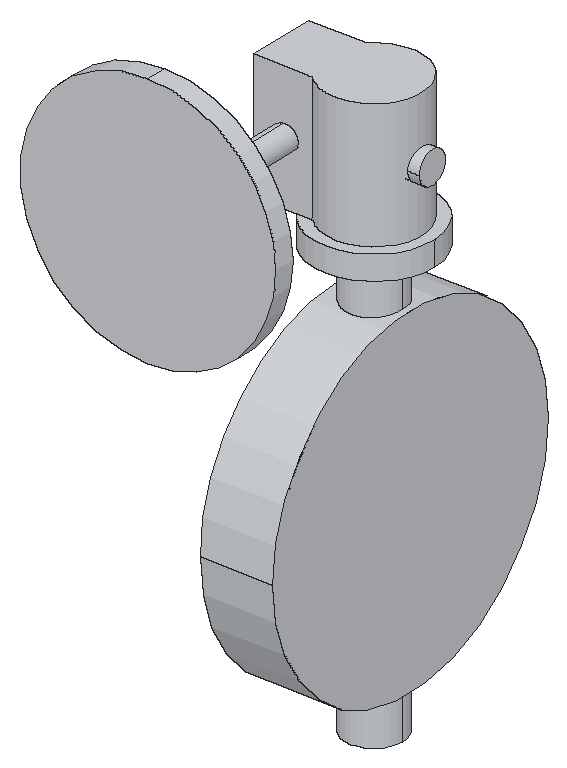
Revit family "HS497-67_disk-litina-převodové kolo DN450-RFA_2018", category Pipe Accessories, Revit 2018
Family settings
  Round Connector Dimension = Use Diameter
  Part Type = Valve - Breaks Into
  Work Plane-Based = No
  Always vertical = Yes
  Cut with Voids When Loaded = No
  Shared = No
Parameters (values of type "HS 497-67_DN450_PN10_převodové kolo")
  magiProductId = "cdf2d80f54a9414f9cbe50647c0ebd"
  magiProductFamilyId = "53cea81e6f374d17b8841d9c72ad77"
  magiPartTypeId = 305
  isMeasuringValve [instance] = no
  ang2D [instance] = 0.00°
  X11 = 129.74 mm
  X1 = 53.74 mm
  W2D = 1000 mm
  VersionID = "2.0/2017.9.26.1/ZETKAMA_497_001"
  Use Minimum Symbol Size [instance] = yes
  URL = "http://www.hydronic.cz"
  Type Comments = "mezipřírubová; litinový disk; PN10; -10~+110°C (krátkodobě +120°C)"
  SW30 = yes
  SW3 = yes
  SW21 = no
  SW20 = no
  SW2 = no
  SW1 = no
  R = 225 mm
  QmdConnectorList = "301;D;302;D"
  Productdata [instance] = ""
  NC = 91.5 mm
  Model = ""
  Manufacturer = "Hydronic Systems Prague s.r.o."
  MM20 = 53.74 mm
  MC Product Code = "125 450 (litinový disk, s převodovým kolem; DN450; PN10, kvs18514)"
  M41 = 144.75 mm
  M4 = 96.5 mm
  LHL = 220 mm
  LHH3 = 2.45 mm
  LHH1 = 46.55 mm
  LH1 = 73.333 mm
  L4R__ve = -L4R  # -32.1 mm
  L4R = 32.1 mm
  L42__ve = -L42  # -240.75 mm
  L42 = 240.75 mm
  L41__ve = -L41  # -48.15 mm
  L41 = 48.15 mm
  L2D_Min = 3048 mm
  L2D = 216 mm
  L2 = 57 mm
  L1 = 91.2 mm
  L = 114 mm
  H = 38 mm
  G22 = 11.25 mm
  G2 = 22.5 mm
  G1 = 90 mm
  G = 190 mm
  F = 36 mm
  E44 = 100 mm
  E42 = 200 mm
  E4 = 400 mm
  E23 = 4.9 mm
  E22 = 19.6 mm
  E21 = 9.8 mm
  Description = "Mezipřírubová uzavírací klapka s převodovým kolem; litinový disk, DN450; PN10; kvs18514"
  DR2 = 225 mm
  DR = 536 mm
  DD1 = 50 mm
  DD = 40 mm
  D = 450 mm
  CAT0 = yes
  B2__ve = -B2  # -115 mm
  B2 = 115 mm
  A2 = 38.05 mm
  A1 = 117.45 mm
Types (43, lengths in mm): name | magiProductId | X11 | X1 | Type Comments | SW30 | SW3 | SW20 | SW2 | SW1 | R | NC | MM20 | MC Product Code | M41 | M4 | LHL | LHH3 | LHH1 | LH1 | L4R__ve | L4R | L42__ve | L42 | L41__ve | L41 | L2 | L1 | L | H | G | F | E44 | E42 | E4 | E23 | E22 | E21 | Description | DR2 | DR | DD1 | DD | D | B2__ve | B2 | A2 | A1
  HS 497-67_DN100_PN16_volné vřeteno | "65d1b245f4f142c78569c0602d5754" | 61.456 | 25.456 | "mezipřírubová; litinový disk; PN16; -10~+110°C (krátkodobě +120°C)" | no | no | no | no | yes | 50 | 50 | 25.456 | "123 100 (litinový disk, s volným vřetenem; DN100; PN16, kvs512)" | 66 | 44 | 220 | 2.45 | 46.55 | 73.333 | -12.8 | 12.8 | -96 | 96 | -19.2 | 19.2 | 26 | 41.6 | 52 | 30 | 90 | 11 | 31.25 | 62.5 | 125 | 4.9 | 19.6 | 9.8 | "Mezipřírubová uzavírací klapka s volným vřetenem; litinový disk, DN100; PN16; kvs512" | 50 | 147 | 15.625 | 12.5 | 100 | -56 | 56 | 16.5 | 98.5
  HS 497-67_DN100_PN16_převodové kolo | "11e91b807e674d428c8e796fcdcfe2" | 61.456 | 25.456 | "mezipřírubová; litinový disk; PN16; -10~+110°C (krátkodobě +120°C)" | yes | yes | no | no | no | 50 | 50 | 25.456 | "125 100 (litinový disk, s převodovým kolem; DN100; PN16, kvs512)" | 65.25 | 43.5 | 220 | 2.45 | 46.55 | 73.333 | -12.8 | 12.8 | -96 | 96 | -19.2 | 19.2 | 26 | 41.6 | 52 | 30 | 90 | 11 | 31.25 | 62.5 | 125 | 4.9 | 19.6 | 9.8 | "Mezipřírubová uzavírací klapka s převodovým kolem; litinový disk, DN100; PN16; kvs512" | 50 | 147 | 15.625 | 12.5 | 100 | -56 | 56 | 16.5 | 98.5
  HS 497-67_DN100_PN16_s pákou | "28172f0b3f4b47b28323ac71cf8749" | 61.456 | 25.456 | "mezipřírubová; litinový disk; PN16; -10~+110°C (krátkodobě +120°C)" | no | no | yes | yes | no | 50 | 50 | 25.456 | "120 100 (litinový disk, s pákou; DN100; PN16, kvs512)" | 66 | 44 | 260 | 3 | 57 | 86.667 | -12.8 | 12.8 | -96 | 96 | -19.2 | 19.2 | 26 | 41.6 | 52 | 30 | 90 | 11 | 31.25 | 62.5 | 125 | 6 | 24 | 12 | "Mezipřírubová uzavírací klapka s pákou; litinový disk, DN100; PN16; kvs512" | 50 | 147 | 15.625 | 12.5 | 100 | -56 | 56 | 16.5 | 98.5
  HS 497-67_DN125_PN16_volné vřeteno | "0d813d910fc14f628bb3c2efbd185c" | 61.456 | 25.456 | "mezipřírubová; litinový disk; PN16; -10~+110°C (krátkodobě +120°C)" | no | no | no | no | yes | 62.5 | 50 | 25.456 | "123 125 (litinový disk, s volným vřetenem; DN125; PN16, kvs872)" | 66 | 44 | 220 | 2.45 | 46.55 | 73.333 | -12.8 | 12.8 | -96 | 96 | -19.2 | 19.2 | 28 | 44.8 | 56 | 33 | 90 | 14 | 31.25 | 62.5 | 125 | 4.9 | 19.6 | 9.8 | "Mezipřírubová uzavírací klapka s volným vřetenem; litinový disk, DN125; PN16; kvs872" | 62.5 | 180 | 15.625 | 12.5 | 125 | -64 | 64 | 18 | 99.5
  HS 497-67_DN125_PN16_převodové kolo | "c56b7c13f372467684996fb1e0e229" | 61.456 | 25.456 | "mezipřírubová; litinový disk; PN16; -10~+110°C (krátkodobě +120°C)" | yes | yes | no | no | no | 62.5 | 50 | 25.456 | "125 125 (litinový disk, s převodovým kolem; DN125; PN16, kvs872)" | 65.25 | 43.5 | 220 | 2.45 | 46.55 | 73.333 | -13.5 | 13.5 | -101.25 | 101.25 | -20.25 | 20.25 | 28 | 44.8 | 56 | 33 | 90 | 14 | 40 | 80 | 160 | 4.9 | 19.6 | 9.8 | "Mezipřírubová uzavírací klapka s převodovým kolem; litinový disk, DN125; PN16; kvs872" | 62.5 | 180 | 20 | 16 | 125 | -64 | 64 | 18 | 99.5
  HS 497-67_DN125_PN16_s pákou | "105993c79a91492399feef7931321a" | 61.456 | 25.456 | "mezipřírubová; litinový disk; PN16; -10~+110°C (krátkodobě +120°C)" | no | no | yes | yes | no | 62.5 | 50 | 25.456 | "120 125 (litinový disk, s pákou; DN125; PN16, kvs872)" | 66 | 44 | 315 | 3.75 | 71.25 | 105 | -12.8 | 12.8 | -96 | 96 | -19.2 | 19.2 | 28 | 44.8 | 56 | 33 | 90 | 14 | 31.25 | 62.5 | 125 | 7.5 | 30 | 15 | "Mezipřírubová uzavírací klapka s pákou; litinový disk, DN125; PN16; kvs872" | 62.5 | 180 | 15.625 | 12.5 | 125 | -64 | 64 | 18 | 99.5
  HS 497-67_DN150_PN16_volné vřeteno | "50c80cb8ab434f55ab7796e5ac1331" | 61.456 | 25.456 | "mezipřírubová; litinový disk; PN16; -10~+110°C (krátkodobě +120°C)" | no | no | no | no | yes | 75 | 50 | 25.456 | "123 150 (litinový disk, s volným vřetenem; DN150; PN16, kvs1347)" | 66 | 44 | 220 | 2.45 | 46.55 | 73.333 | -12.8 | 12.8 | -96 | 96 | -19.2 | 19.2 | 28 | 44.8 | 56 | 33 | 90 | 14 | 31.25 | 62.5 | 125 | 4.9 | 19.6 | 9.8 | "Mezipřírubová uzavírací klapka s volným vřetenem; litinový disk, DN150; PN16; kvs1347" | 75 | 206 | 15.625 | 12.5 | 150 | -58 | 58 | 19.3 | 98.7
  HS 497-67_DN150_PN16_převodové kolo | "d94a1a0cf83b476eb10011b327f709" | 61.456 | 25.456 | "mezipřírubová; litinový disk; PN16; -10~+110°C (krátkodobě +120°C)" | yes | yes | no | no | no | 75 | 50 | 25.456 | "125 150 (litinový disk, s převodovým kolem; DN150; PN16, kvs1347)" | 65.25 | 43.5 | 220 | 2.45 | 46.55 | 73.333 | -13.5 | 13.5 | -101.25 | 101.25 | -20.25 | 20.25 | 28 | 44.8 | 56 | 33 | 90 | 14 | 40 | 80 | 160 | 4.9 | 19.6 | 9.8 | "Mezipřírubová uzavírací klapka s převodovým kolem; litinový disk, DN150; PN16; kvs1347" | 75 | 206 | 20 | 16 | 150 | -58 | 58 | 19.3 | 98.7
  HS 497-67_DN150_PN16_s pákou | "4d2835523fe84828bc50ff0a5a0dfb" | 61.456 | 25.456 | "mezipřírubová; litinový disk; PN16; -10~+110°C (krátkodobě +120°C)" | no | no | yes | yes | no | 75 | 50 | 25.456 | "120 150 (litinový disk, s pákou; DN150; PN16, kvs1347)" | 66 | 44 | 315 | 3.75 | 71.25 | 105 | -12.8 | 12.8 | -96 | 96 | -19.2 | 19.2 | 28 | 44.8 | 56 | 33 | 90 | 14 | 31.25 | 62.5 | 125 | 7.5 | 30 | 15 | "Mezipřírubová uzavírací klapka s pákou; litinový disk, DN150; PN16; kvs1347" | 75 | 206 | 15.625 | 12.5 | 150 | -58 | 58 | 19.3 | 98.7
  HS 497-67_DN200_PN16_volné vřeteno | "5b29029eaeba47139ee1055a4b9201" | 61.456 | 25.456 | "mezipřírubová; litinový disk; PN16; -10~+110°C (krátkodobě +120°C)" | no | no | no | no | yes | 100 | 50 | 25.456 | "123 200 (litinový disk, s volným vřetenem; DN200; PN16, kvs2675)" | 66 | 44 | 220 | 2.45 | 46.55 | 73.333 | -12.8 | 12.8 | -96 | 96 | -19.2 | 19.2 | 30 | 48 | 60 | 33 | 90 | 17 | 31.25 | 62.5 | 125 | 4.9 | 19.6 | 9.8 | "Mezipřírubová uzavírací klapka s volným vřetenem; litinový disk, DN200; PN16; kvs2675" | 100 | 257 | 15.625 | 12.5 | 200 | -70 | 70 | 22.5 | 102.5
  HS 497-67_DN200_PN16_převodové kolo | "b2793cc1fcc44cf2a35062cd67c04f" | 61.456 | 25.456 | "mezipřírubová; litinový disk; PN16; -10~+110°C (krátkodobě +120°C)" | yes | yes | no | no | no | 100 | 57 | 25.456 | "125 200 (litinový disk, s převodovým kolem; DN200; PN16, kvs2675)" | 78.75 | 52.5 | 220 | 2.45 | 46.55 | 73.333 | -15.2 | 15.2 | -114 | 114 | -22.8 | 22.8 | 30 | 48 | 60 | 33 | 90 | 17 | 50 | 100 | 200 | 4.9 | 19.6 | 9.8 | "Mezipřírubová uzavírací klapka s převodovým kolem; litinový disk, DN200; PN16; kvs2675" | 100 | 257 | 25 | 20 | 200 | -70 | 70 | 22.5 | 102.5
  HS 497-67_DN200_PN16_s pákou | "f88d96c7af224537a51e72d7d8fffe" | 61.456 | 25.456 | "mezipřírubová; litinový disk; PN16; -10~+110°C (krátkodobě +120°C)" | no | no | yes | yes | no | 100 | 50 | 25.456 | "120 200 (litinový disk, s pákou; DN200; PN16, kvs2675)" | 66 | 44 | 315 | 3.75 | 71.25 | 105 | -12.8 | 12.8 | -96 | 96 | -19.2 | 19.2 | 30 | 48 | 60 | 33 | 90 | 17 | 31.25 | 62.5 | 125 | 7.5 | 30 | 15 | "Mezipřírubová uzavírací klapka s pákou; litinový disk, DN200; PN16; kvs2675" | 100 | 257 | 15.625 | 12.5 | 200 | -70 | 70 | 22.5 | 102.5
  HS 497-67_DN250_PN16_volné vřeteno | "b662e8305ca2402b9c510e66e6aa55" | 88.77 | 36.77 | "mezipřírubová; litinový disk; PN16; -10~+110°C (krátkodobě +120°C)" | no | no | no | no | yes | 125 | 50 | 36.77 | "123 250 (litinový disk, s volným vřetenem; DN250; PN16, kvs4555)" | 66 | 44 | 220 | 2.45 | 46.55 | 73.333 | -12.8 | 12.8 | -96 | 96 | -19.2 | 19.2 | 34 | 54.4 | 68 | 23 | 130 | 22 | 31.25 | 62.5 | 125 | 4.9 | 19.6 | 9.8 | "Mezipřírubová uzavírací klapka s volným vřetenem; litinový disk, DN250; PN16; kvs4555" | 125 | 324 | 15.625 | 12.5 | 250 | -85 | 85 | 28.25 | 129.25
  HS 497-67_DN250_PN16_převodové kolo | "5ee9016806664ddfaa2632711f295c" | 88.77 | 36.77 | "mezipřírubová; litinový disk; PN16; -10~+110°C (krátkodobě +120°C)" | yes | yes | no | no | no | 125 | 70 | 36.77 | "125 250 (litinový disk, s převodovým kolem; DN250; PN16, kvs4555)" | 91.5 | 61 | 220 | 2.45 | 46.55 | 73.333 | -22.2 | 22.2 | -166.5 | 166.5 | -33.3 | 33.3 | 34 | 54.4 | 68 | 23 | 130 | 22 | 62.5 | 125 | 250 | 4.9 | 19.6 | 9.8 | "Mezipřírubová uzavírací klapka s převodovým kolem; litinový disk, DN250; PN16; kvs4555" | 125 | 324 | 31.25 | 25 | 250 | -85 | 85 | 28.25 | 129.25
  HS 497-67_DN300_PN16_volné vřeteno | "e1886f51ff004380a649519258edf2" | 88.77 | 36.77 | "mezipřírubová; litinový disk; PN16; -10~+110°C (krátkodobě +120°C)" | no | no | no | no | yes | 150 | 50 | 36.77 | "123 300 (litinový disk, s volným vřetenem; DN300; PN16, kvs7037)" | 66 | 44 | 220 | 2.45 | 46.55 | 73.333 | -12.8 | 12.8 | -96 | 96 | -19.2 | 19.2 | 39 | 62.4 | 78 | 23 | 130 | 22 | 31.25 | 62.5 | 125 | 4.9 | 19.6 | 9.8 | "Mezipřírubová uzavírací klapka s volným vřetenem; litinový disk, DN300; PN16; kvs7037" | 150 | 376 | 15.625 | 12.5 | 300 | -90 | 90 | 30.8 | 127.2
  HS 497-67_DN300_PN16_převodové kolo | "6860f094f77d42088fbebc3c97f755" | 88.77 | 36.77 | "mezipřírubová; litinový disk; PN16; -10~+110°C (krátkodobě +120°C)" | yes | yes | no | no | no | 150 | 70 | 36.77 | "125 300 (litinový disk, s převodovým kolem; DN300; PN16, kvs7037)" | 91.5 | 61 | 220 | 2.45 | 46.55 | 73.333 | -22.2 | 22.2 | -166.5 | 166.5 | -33.3 | 33.3 | 39 | 62.4 | 78 | 23 | 130 | 22 | 62.5 | 125 | 250 | 4.9 | 19.6 | 9.8 | "Mezipřírubová uzavírací klapka s převodovým kolem; litinový disk, DN300; PN16; kvs7037" | 150 | 376 | 31.25 | 25 | 300 | -90 | 90 | 30.8 | 127.2
  HS 497-67_DN032_PN16_volné vřeteno | "8c5f65de52aa4067a77564107e31b2" | 61.456 | 25.456 | "mezipřírubová; litinový disk; PN16; -10~+110°C (krátkodobě +120°C)" | no | no | no | no | yes | 16 | 50 | 25.456 | "123 032 (litinový disk, s volným vřetenem; DN32; PN16, kvs78)" | 66 | 44 | 220 | 2.45 | 46.55 | 73.333 | -12.8 | 12.8 | -96 | 96 | -19.2 | 19.2 | 16.5 | 26.4 | 33 | 30 | 90 | 11 | 31.25 | 62.5 | 125 | 4.9 | 19.6 | 9.8 | "Mezipřírubová uzavírací klapka s volným vřetenem; litinový disk, DN32; PN16; kvs78" | 16 | 68 | 15.625 | 12.5 | 32 | -44.2 | 44.2 | 10.25 | 76.25
  HS 497-67_DN032_PN16_převodové kolo | "60aaeffa8b3a4e809ef000e4660060" | 61.456 | 25.456 | "mezipřírubová; litinový disk; PN16; -10~+110°C (krátkodobě +120°C)" | yes | yes | no | no | no | 16 | 50 | 25.456 | "125 032 (litinový disk, s převodovým kolem; DN32; PN16, kvs78)" | 65.25 | 43.5 | 220 | 2.45 | 46.55 | 73.333 | -12.8 | 12.8 | -96 | 96 | -19.2 | 19.2 | 16.5 | 26.4 | 33 | 30 | 90 | 11 | 31.25 | 62.5 | 125 | 4.9 | 19.6 | 9.8 | "Mezipřírubová uzavírací klapka s převodovým kolem; litinový disk, DN32; PN16; kvs78" | 16 | 68 | 15.625 | 12.5 | 32 | -44.2 | 44.2 | 10.25 | 76.25
  HS 497-67_DN032_PN16_s pákou | "9ad8088d610749a1b871aa2aad8007" | 61.456 | 25.456 | "mezipřírubová; litinový disk; PN16; -10~+110°C (krátkodobě +120°C)" | no | no | yes | yes | no | 16 | 50 | 25.456 | "120 032 (litinový disk, s pákou; DN32; PN16, kvs78)" | 66 | 44 | 220 | 2.45 | 46.55 | 73.333 | -12.8 | 12.8 | -96 | 96 | -19.2 | 19.2 | 16.5 | 26.4 | 33 | 30 | 90 | 11 | 31.25 | 62.5 | 125 | 4.9 | 19.6 | 9.8 | "Mezipřírubová uzavírací klapka s pákou; litinový disk, DN32; PN16; kvs78" | 16 | 68 | 15.625 | 12.5 | 32 | -44.2 | 44.2 | 10.25 | 76.25
  HS 497-67_DN350_PN10_volné vřeteno | "72a1e05f22944421b7e9596a877137" | 109.255 | 45.255 | "mezipřírubová; litinový disk; PN10; -10~+110°C (krátkodobě +120°C)" | no | no | no | no | yes | 175 | 50 | 45.255 | "123 350 (litinový disk, s volným vřetenem; DN350; PN10, kvs10165)" | 66 | 44 | 220 | 2.45 | 46.55 | 73.333 | -12.8 | 12.8 | -96 | 96 | -19.2 | 19.2 | 39 | 62.4 | 78 | 31 | 160 | 22 | 31.25 | 62.5 | 125 | 4.9 | 19.6 | 9.8 | "Mezipřírubová uzavírací klapka s volným vřetenem; litinový disk, DN350; PN10; kvs10165" | 175 | 430 | 15.625 | 12.5 | 350 | -88 | 88 | 33.85 | 129.65
  HS 497-67_DN350_PN10_převodové kolo | "a5a01426cb28494ba3afca92f1dace" | 109.255 | 45.255 | "mezipřírubová; litinový disk; PN10; -10~+110°C (krátkodobě +120°C)" | yes | yes | no | no | no | 175 | 70 | 45.255 | "125 350 (litinový disk, s převodovým kolem; DN350; PN10, kvs10165)" | 91.5 | 61 | 220 | 2.45 | 46.55 | 73.333 | -22.2 | 22.2 | -166.5 | 166.5 | -33.3 | 33.3 | 39 | 62.4 | 78 | 31 | 160 | 22 | 62.5 | 125 | 250 | 4.9 | 19.6 | 9.8 | "Mezipřírubová uzavírací klapka s převodovým kolem; litinový disk, DN350; PN10; kvs10165" | 175 | 430 | 31.25 | 25 | 350 | -88 | 88 | 33.85 | 129.65
  HS 497-67_DN400_PN10_volné vřeteno | "c70ebeb927c04ab99b176e257ad0a7" | 109.255 | 45.255 | "mezipřírubová; litinový disk; PN10; -10~+110°C (krátkodobě +120°C)" | no | no | no | no | yes | 200 | 50 | 45.255 | "123 400 (litinový disk, s volným vřetenem; DN400; PN10, kvs13799)" | 66 | 44 | 220 | 2.45 | 46.55 | 73.333 | -12.8 | 12.8 | -96 | 96 | -19.2 | 19.2 | 51 | 81.6 | 102 | 31 | 160 | 27 | 31.25 | 62.5 | 125 | 4.9 | 19.6 | 9.8 | "Mezipřírubová uzavírací klapka s volným vřetenem; litinový disk, DN400; PN10; kvs13799" | 200 | 485 | 15.625 | 12.5 | 400 | -108 | 108 | 38 | 142
  HS 497-67_DN400_PN10_převodové kolo | "cc64a4384dcb41b780d81810f4f293" | 109.255 | 45.255 | "mezipřírubová; litinový disk; PN10; -10~+110°C (krátkodobě +120°C)" | yes | yes | no | no | no | 200 | 72.5 | 45.255 | "125 400 (litinový disk, s převodovým kolem; DN400; PN10, kvs13799)" | 103.5 | 69 | 220 | 2.45 | 46.55 | 73.333 | -27.8 | 27.8 | -208.5 | 208.5 | -41.7 | 41.7 | 51 | 81.6 | 102 | 31 | 160 | 27 | 75 | 150 | 300 | 4.9 | 19.6 | 9.8 | "Mezipřírubová uzavírací klapka s převodovým kolem; litinový disk, DN400; PN10; kvs13799" | 200 | 485 | 37.5 | 30 | 400 | -108 | 108 | 38 | 142
  HS 497-67_DN040_PN16_volné vřeteno | "35f92312390745e88df5b5c325d9ee" | 61.456 | 25.456 | "mezipřírubová; litinový disk; PN16; -10~+110°C (krátkodobě +120°C)" | no | no | no | no | yes | 20 | 50 | 25.456 | "123 040 (litinový disk, s volným vřetenem; DN40; PN16, kvs78)" | 66 | 44 | 220 | 2.45 | 46.55 | 73.333 | -12.8 | 12.8 | -96 | 96 | -19.2 | 19.2 | 16.5 | 26.4 | 33 | 30 | 90 | 11 | 31.25 | 62.5 | 125 | 4.9 | 19.6 | 9.8 | "Mezipřírubová uzavírací klapka s volným vřetenem; litinový disk, DN40; PN16; kvs78" | 20 | 76 | 15.625 | 12.5 | 40 | -36 | 36 | 11 | 79
  HS 497-67_DN040_PN16_převodové kolo | "d88e968eae3445bc9b7b4e6ff35127" | 61.456 | 25.456 | "mezipřírubová; litinový disk; PN16; -10~+110°C (krátkodobě +120°C)" | yes | yes | no | no | no | 20 | 50 | 25.456 | "125 040 (litinový disk, s převodovým kolem; DN40; PN16, kvs78)" | 65.25 | 43.5 | 220 | 2.45 | 46.55 | 73.333 | -12.8 | 12.8 | -96 | 96 | -19.2 | 19.2 | 16.5 | 26.4 | 33 | 30 | 90 | 11 | 31.25 | 62.5 | 125 | 4.9 | 19.6 | 9.8 | "Mezipřírubová uzavírací klapka s převodovým kolem; litinový disk, DN40; PN16; kvs78" | 20 | 76 | 15.625 | 12.5 | 40 | -36 | 36 | 11 | 79
  HS 497-67_DN040_PN16_s pákou | "c1b522ca65b4407a98818f232eaacb" | 61.456 | 25.456 | "mezipřírubová; litinový disk; PN16; -10~+110°C (krátkodobě +120°C)" | no | no | yes | yes | no | 20 | 50 | 25.456 | "120 040 (litinový disk, s pákou; DN40; PN16, kvs78)" | 66 | 44 | 220 | 2.45 | 46.55 | 73.333 | -12.8 | 12.8 | -96 | 96 | -19.2 | 19.2 | 16.5 | 26.4 | 33 | 30 | 90 | 11 | 31.25 | 62.5 | 125 | 4.9 | 19.6 | 9.8 | "Mezipřírubová uzavírací klapka s pákou; litinový disk, DN40; PN16; kvs78" | 20 | 76 | 15.625 | 12.5 | 40 | -36 | 36 | 11 | 79
  HS 497-67_DN450_PN10_volné vřeteno | "a8358bc282f14872b3194e530e590a" | 129.74 | 53.74 | "mezipřírubová; litinový disk; PN10; -10~+110°C (krátkodobě +120°C)" | no | no | no | no | yes | 225 | 50 | 53.74 | "123 450 (litinový disk, s volným vřetenem; DN450; PN10, kvs18514)" | 66 | 44 | 220 | 2.45 | 46.55 | 73.333 | -12.8 | 12.8 | -96 | 96 | -19.2 | 19.2 | 57 | 91.2 | 114 | 38 | 190 | 36 | 31.25 | 62.5 | 125 | 4.9 | 19.6 | 9.8 | "Mezipřírubová uzavírací klapka s volným vřetenem; litinový disk, DN450; PN10; kvs18514" | 225 | 536 | 15.625 | 12.5 | 450 | -115 | 115 | 38.05 | 117.45
  HS 497-67_DN450_PN10_převodové kolo | "cdf2d80f54a9414f9cbe50647c0ebd" | 129.74 | 53.74 | "mezipřírubová; litinový disk; PN10; -10~+110°C (krátkodobě +120°C)" | yes | yes | no | no | no | 225 | 91.5 | 53.74 | "125 450 (litinový disk, s převodovým kolem; DN450; PN10, kvs18514)" | 144.75 | 96.5 | 220 | 2.45 | 46.55 | 73.333 | -32.1 | 32.1 | -240.75 | 240.75 | -48.15 | 48.15 | 57 | 91.2 | 114 | 38 | 190 | 36 | 100 | 200 | 400 | 4.9 | 19.6 | 9.8 | "Mezipřírubová uzavírací klapka s převodovým kolem; litinový disk, DN450; PN10; kvs18514" | 225 | 536 | 50 | 40 | 450 | -115 | 115 | 38.05 | 117.45
  HS 497-67_DN500_PN10_volné vřeteno | "8c396e27bb2743f98f3c762b6517cd" | 143.397 | 59.397 | "mezipřírubová; litinový disk; PN10; -10~+110°C (krátkodobě +120°C)" | no | no | no | no | yes | 250 | 50 | 59.397 | "123 500 (litinový disk, s volným vřetenem; DN500; PN10, kvs23805)" | 66 | 44 | 220 | 2.45 | 46.55 | 73.333 | -12.8 | 12.8 | -96 | 96 | -19.2 | 19.2 | 63.5 | 101.6 | 127 | 38 | 210 | 36 | 31.25 | 62.5 | 125 | 4.9 | 19.6 | 9.8 | "Mezipřírubová uzavírací klapka s volným vřetenem; litinový disk, DN500; PN10; kvs23805" | 250 | 593 | 15.625 | 12.5 | 500 | -130 | 130 | 43.25 | 139.25
  HS 497-67_DN500_PN10_převodové kolo | "7647804f32e94cef828a7034a91a46" | 143.397 | 59.397 | "mezipřírubová; litinový disk; PN10; -10~+110°C (krátkodobě +120°C)" | yes | yes | no | no | no | 250 | 91.5 | 59.397 | "125 500 (litinový disk, s převodovým kolem; DN500; PN10, kvs23805)" | 144.75 | 96.5 | 220 | 2.45 | 46.55 | 73.333 | -32.1 | 32.1 | -240.75 | 240.75 | -48.15 | 48.15 | 63.5 | 101.6 | 127 | 38 | 210 | 36 | 100 | 200 | 400 | 4.9 | 19.6 | 9.8 | "Mezipřírubová uzavírací klapka s převodovým kolem; litinový disk, DN500; PN10; kvs23805" | 250 | 593 | 50 | 40 | 500 | -130 | 130 | 43.25 | 139.25
  HS 497-67_DN050_volné vřeteno | "d71f296ecd6d4adf8f6e5d9853b4e0" | 61.456 | 25.456 | "mezipřírubová; litinový disk; PN16; -10~+110°C (krátkodobě +120°C)" | no | no | no | no | yes | 25 | 50 | 25.456 | "123 050 (litinový disk, s volným vřetenem; DN50; PN16, kvs98)" | 66 | 44 | 220 | 2.45 | 46.55 | 73.333 | -12.8 | 12.8 | -96 | 96 | -19.2 | 19.2 | 21.5 | 34.4 | 43 | 30 | 90 | 11 | 31.25 | 62.5 | 125 | 4.9 | 19.6 | 9.8 | "Mezipřírubová uzavírací klapka s volným vřetenem; litinový disk, DN50; PN16; kvs98" | 25 | 100 | 15.625 | 12.5 | 50 | -36.5 | 36.5 | 12 | 83
  HS 497-67_DN050_PN16_převodové kolo | "2fb080deeaed49c58418b94c1da5a4" | 61.456 | 25.456 | "mezipřírubová; litinový disk; PN16; -10~+110°C (krátkodobě +120°C)" | yes | yes | no | no | no | 25 | 50 | 25.456 | "125 050 (litinový disk, s převodovým kolem; DN50; PN16, kvs98)" | 65.25 | 43.5 | 220 | 2.45 | 46.55 | 73.333 | -12.8 | 12.8 | -96 | 96 | -19.2 | 19.2 | 21.5 | 34.4 | 43 | 30 | 90 | 11 | 31.25 | 62.5 | 125 | 4.9 | 19.6 | 9.8 | "Mezipřírubová uzavírací klapka s převodovým kolem; litinový disk, DN50; PN16; kvs98" | 25 | 100 | 15.625 | 12.5 | 50 | -36.5 | 36.5 | 12 | 83
  HS 497-67_DN050_PN16_s pákou | "dabc632061f94877a994b9b4e68112" | 61.456 | 25.456 | "mezipřírubová; litinový disk; PN16; -10~+110°C (krátkodobě +120°C)" | no | no | yes | yes | no | 25 | 50 | 25.456 | "120 050 (litinový disk, s pákou; DN50; PN16, kvs98)" | 66 | 44 | 220 | 2.45 | 46.55 | 73.333 | -12.8 | 12.8 | -96 | 96 | -19.2 | 19.2 | 21.5 | 34.4 | 43 | 30 | 90 | 11 | 31.25 | 62.5 | 125 | 4.9 | 19.6 | 9.8 | "Mezipřírubová uzavírací klapka s pákou; litinový disk, DN50; PN16; kvs98" | 25 | 100 | 15.625 | 12.5 | 50 | -36.5 | 36.5 | 12 | 83
  HS 497-67_DN600_PN10_volné vřeteno | "99d5892c14664fce81a7c5903f7711" | 143.397 | 59.397 | "mezipřírubová; litinový disk; PN10; -10~+110°C (krátkodobě +120°C)" | no | no | no | no | yes | 300 | 50 | 59.397 | "123 600 (litinový disk, s volným vřetenem; DN600; PN10, kvs36778)" | 66 | 44 | 220 | 2.45 | 46.55 | 73.333 | -12.8 | 12.8 | -96 | 96 | -19.2 | 19.2 | 77 | 123.2 | 154 | 80 | 210 | 60 | 31.25 | 62.5 | 125 | 4.9 | 19.6 | 9.8 | "Mezipřírubová uzavírací klapka s volným vřetenem; litinový disk, DN600; PN10; kvs36788" | 300 | 690 | 15.625 | 12.5 | 600 | -140 | 140 | 49.4 | 144.6
  HS 497-67_DN600_PN10_převodové kolo | "b1e26faab48a4c499f6bb11e7e3002" | 143.397 | 59.397 | "mezipřírubová; litinový disk; PN10; -10~+110°C (krátkodobě +120°C)" | yes | yes | no | no | no | 300 | 140 | 59.397 | "125 600 (litinový disk, s převodovým kolem; DN600; PN10, kvs36778)" | 206.25 | 137.5 | 220 | 2.45 | 46.55 | 73.333 | -40.8 | 40.8 | -306 | 306 | -61.2 | 61.2 | 77 | 123.2 | 154 | 80 | 210 | 60 | 125 | 250 | 500 | 4.9 | 19.6 | 9.8 | "Mezipřírubová uzavírací klapka s převodovým kolem; litinový disk, DN600; PN10; kvs36788" | 300 | 690 | 62.5 | 50 | 600 | -140 | 140 | 49.4 | 144.6
  HS 497-67_DN065_PN16_volné vřeteno | "5e5e208646e34ec29f889baab5d08e" | 61.456 | 25.456 | "mezipřírubová; litinový disk; PN16; -10~+110°C (krátkodobě +120°C)" | no | no | no | no | yes | 32.5 | 50 | 25.456 | "123 065 (litinový disk, s volným vřetenem; DN65; PN16, kvs167)" | 66 | 44 | 220 | 2.45 | 46.55 | 73.333 | -12.8 | 12.8 | -96 | 96 | -19.2 | 19.2 | 23 | 36.8 | 46 | 30 | 90 | 11 | 31.25 | 62.5 | 125 | 4.9 | 19.6 | 9.8 | "Mezipřírubová uzavírací klapka s volným vřetenem; litinový disk, DN65; PN16; kv167" | 32.5 | 108 | 15.625 | 12.5 | 65 | -36.5 | 36.5 | 13.5 | 89
  HS 497-67_DN065_PN16_převodové kolo | "654d74c8d15540b0bfe523d988ccb3" | 61.456 | 25.456 | "mezipřírubová; litinový disk; PN16; -10~+110°C (krátkodobě +120°C)" | yes | yes | no | no | no | 32.5 | 50 | 25.456 | "125 065 (litinový disk, s převodovým kolem; DN65; PN16, kvs167)" | 65.25 | 43.5 | 220 | 2.45 | 46.55 | 73.333 | -12.8 | 12.8 | -96 | 96 | -19.2 | 19.2 | 23 | 36.8 | 46 | 30 | 90 | 11 | 31.25 | 62.5 | 125 | 4.9 | 19.6 | 9.8 | "Mezipřírubová uzavírací klapka s převodovým kolem; litinový disk, DN65; PN16; kvs167" | 32.5 | 108 | 15.625 | 12.5 | 65 | -36.5 | 36.5 | 13.5 | 89
  HS 497-67_DN065_PN16_s pákou | "ebeb4b59db0641caaf6d6635ab37b9" | 61.456 | 25.456 | "mezipřírubová; litinový disk; PN16; -10~+110°C (krátkodobě +120°C)" | no | no | yes | yes | no | 32.5 | 50 | 25.456 | "120 065 (litinový disk, s pákou; DN65; PN16, kvs167)" | 66 | 44 | 220 | 2.45 | 46.55 | 73.333 | -12.8 | 12.8 | -96 | 96 | -19.2 | 19.2 | 23 | 36.8 | 46 | 30 | 90 | 11 | 31.25 | 62.5 | 125 | 4.9 | 19.6 | 9.8 | "Mezipřírubová uzavírací klapka s pákou; litinový disk, DN65; PN16; kvs167" | 32.5 | 108 | 15.625 | 12.5 | 65 | -36.5 | 36.5 | 13.5 | 89
  HS 497-67_DN080_PN16_volné vřeteno | "9e85c75c18654e1185a9c48ed6b00e" | 61.456 | 25.456 | "mezipřírubová; litinový disk; PN16; -10~+110°C (krátkodobě +120°C)" | no | no | no | no | yes | 40 | 50 | 25.456 | "123 080 (litinový disk, s volným vřetenem; DN80; PN16, kvs258)" | 66 | 44 | 220 | 2.45 | 46.55 | 73.333 | -12.8 | 12.8 | -96 | 96 | -19.2 | 19.2 | 23 | 36.8 | 46 | 30 | 90 | 11 | 31.25 | 62.5 | 125 | 4.9 | 19.6 | 9.8 | "Mezipřírubová uzavírací klapka s volným vřetenem; litinový disk, DN80; PN16; kvs258" | 40 | 124 | 15.625 | 12.5 | 80 | -54 | 54 | 14.1 | 86.9
  HS 497-67_DN080_PN16_převodové kolo | "5b3c8238c3d041e68c75b199e7ea46" | 61.456 | 25.456 | "mezipřírubová; litinový disk; PN16; -10~+110°C (krátkodobě +120°C)" | yes | yes | no | no | no | 40 | 50 | 25.456 | "125 080 (litinový disk, s převodovým kolem; DN80; PN16, kvs258)" | 65.25 | 43.5 | 220 | 2.45 | 46.55 | 73.333 | -12.8 | 12.8 | -96 | 96 | -19.2 | 19.2 | 23 | 36.8 | 46 | 30 | 90 | 11 | 31.25 | 62.5 | 125 | 4.9 | 19.6 | 9.8 | "Mezipřírubová uzavírací klapka s převodovým kolem; litinový disk, DN80; PN16; kvs258" | 40 | 124 | 15.625 | 12.5 | 80 | -54 | 54 | 14.1 | 86.9
  HS 497-67_DN080_PN16_s pákou | "e414795fab0f4eccb99bc3572c5477" | 61.456 | 25.456 | "mezipřírubová; litinový disk; PN16; -10~+110°C (krátkodobě +120°C)" | no | no | yes | yes | no | 40 | 50 | 25.456 | "120 080 (litinový disk, s pákou; DN80; PN16, kvs258)" | 66 | 44 | 260 | 3 | 57 | 86.667 | -12.8 | 12.8 | -96 | 96 | -19.2 | 19.2 | 23 | 36.8 | 46 | 30 | 90 | 11 | 31.25 | 62.5 | 125 | 6 | 24 | 12 | "Mezipřírubová uzavírací klapka s pákou; litinový disk, DN80; PN16; kvs258" | 40 | 124 | 15.625 | 12.5 | 80 | -54 | 54 | 14.1 | 86.9
  HS 497-67_DN250_PN16_s pákou | "" | 88.77 | 36.77 | "mezipřírubová; litinový disk; PN16; -10~+110°C (krátkodobě +120°C)" | no | no | yes | yes | no | 125 | 70 | 36.77 | "120 250 (litinový disk, s pákou; DN250; PN16, kvs4555)" | 91.5 | 61 | 220 | 2.45 | 46.55 | 73.333 | -22.2 | 22.2 | -166.5 | 166.5 | -33.3 | 33.3 | 34 | 54.4 | 68 | 23 | 130 | 22 | 62.5 | 125 | 250 | 4.9 | 19.6 | 9.8 | "Mezipřírubová uzavírací klapka s pákou; litinový disk, DN250; PN16; kvs4555" | 125 | 324 | 31.25 | 25 | 250 | -85 | 85 | 28.25 | 129.25
  HS 497-67_DN300_PN16_s pákou | "" | 88.77 | 36.77 | "mezipřírubová; litinový disk; PN16; -10~+110°C (krátkodobě +120°C)" | no | no | yes | yes | no | 150 | 70 | 36.77 | "120 300 (litinový disk, s pákou; DN300; PN16, kvs7037)" | 91.5 | 61 | 220 | 2.45 | 46.55 | 73.333 | -22.2 | 22.2 | -166.5 | 166.5 | -33.3 | 33.3 | 39 | 62.4 | 78 | 23 | 130 | 22 | 62.5 | 125 | 250 | 4.9 | 19.6 | 9.8 | "Mezipřírubová uzavírací klapka s pákou; litinový disk, DN300; PN16; kvs7037" | 150 | 376 | 31.25 | 25 | 300 | -90 | 90 | 30.8 | 127.2
Reference planes
  plane 1 "Center (Front/Back)": y = 0
  plane 2 "XYPLANE": z = 0
  plane 3 "Center (Left/Right)": x = 0
  plane 4 "473": x = -53.74
  plane 5 "472": x = -144.75
  plane 6 "471": y = -53.74
  plane 7 "470": y = 53.74
  plane 8 "469": x = -96.5
  plane 9 "468": y = -288.9
  plane 10 "467": y = -240.75
  plane 11 "466": z = 480.5
  plane 12 "465": z = 427.05
  plane 13 "464": y = 145.417
  plane 14 "463": z = 417.25
  plane 15 "462": z = 400.1
  plane 16 "461": z = 409.9
  plane 17 "460": y = 72.083
  plane 18 "459": x = -11.25
  plane 19 "458": x = 11.25
  plane 20 "457": y = -6.25
  plane 21 "456": x = -17.5
  plane 22 "455": x = 17.5
  plane 23 "454": z = 414.8
  plane 24 "453": y = 62.083
  plane 25 "452": y = -11.25
  plane 26 "451": x = -22.5
  plane 27 "450": x = 22.5
  plane 28 "449": z = 395.2
  plane 29 "448": z = 390.3
  plane 30 "447": z = -225
  plane 31 "446": z = 380.5
  plane 32 "445": z = 342.45
  plane 33 "444": z = 225
  plane 34 "443": x = 57
  plane 35 "442": x = -57
  plane 36 "441": z = 0
  plane 37 "440": y = 0
  plane 38 "439": x = 0
  plane 39 "438": z = 429.5
  plane 40 "437": z = 414.8
  plane 41 "436": x = 13.7
  plane 42 "435": x = -13.7
  plane 43 "434": y = 220
Forms (mm)
  Extrusion 1, solid, visible <- "SW3"
    sketch origin (-750, 0, 380.5) x (1, 0, 0) y (0, 1, 0)
      loop
        line (605.25, 53.74) -> (605.25, -53.74) -> (696.26, -53.74)
        arc (696.26, -53.74) -> (826, 0) -> (696.26, 53.74) r 76
        line (696.26, 53.74) -> (605.25, 53.74)
    from 0 to 200 <- "E42"
  Extrusion 2, solid, visible <- "SW30"
    sketch origin (0, -750, 0) x (0, 1, 0) y (0, 0, 1)
      loop
        circle (750, 480.5) r 25
    from 0 to 91.5 <- "NC"
  Extrusion 3, solid, visible <- "SW30"
    sketch origin (750, -288.9, 0) x (-1, 0, 0) y (0, 0, 1)
      loop
        circle (846.5, 480.5) r 200
    from 0 to -32.1 <- "L4R__ve"
  Extrusion 4, solid, visible <- "SW3"
    sketch origin (750, -240.75, 0) x (-1, 0, 0) y (0, 0, 1)
      loop
        circle (846.5, 480.5) r 25
    from 0 to -48.15 <- "L41__ve"
  Extrusion 5, solid, visible <- "SW30"
    sketch origin (750, 0, 0) x (-1, 0, 0) y (0, 0, 1)
      loop
        circle (846.5, 480.5) r 20
    from 0 to -240.75 <- "L42__ve"
  Blend 6, solid, visible <- "SW21"
    base sketch origin (750, 72.083, 0) x (-1, 0, 0) y (0, 0, 1)
      loop
        line (761.25, 409.9) -> (738.75, 409.9) -> (738.75, 400.1) -> (761.25, 400.1) -> (761.25, 409.9)
    top sketch origin (750, 72.083, 0) x (-1, 0, 0) y (0, 0, 1)
      loop
        line (761.25, 427.05) -> (738.75, 427.05) -> (738.75, 417.25) -> (761.25, 417.25) -> (761.25, 427.05)
    from 0 to 73.333
  Blend 7, solid, visible <- "SW21"
    base sketch origin (750, 62.083, 0) x (-1, 0, 0) y (0, 0, 1)
      loop
        line (761.25, 414.8) -> (738.75, 414.8) -> (738.75, 395.2) -> (761.25, 395.2) -> (761.25, 414.8)
    top sketch origin (750, 62.083, 0) x (-1, 0, 0) y (0, 0, 1)
      loop
        line (761.25, 409.9) -> (738.75, 409.9) -> (738.75, 400.1) -> (761.25, 400.1) -> (761.25, 409.9)
    from 0 to 10
  Blend 8, solid, visible <- "SW21"
    base sketch origin (-750, 0, 395.2) x (1, 0, 0) y (0, 1, 0)
      loop
        line (772.5, 62.083) -> (727.5, 62.083) -> (727.5, -11.25)
        arc (727.5, -11.25) -> (750, -31.25) -> (772.5, -11.25) r 22.656
        line (772.5, -11.25) -> (772.5, 62.083)
    top sketch origin (-750, 0, 395.2) x (1, 0, 0) y (0, 1, 0)
      loop
        line (767.5, 62.083) -> (732.5, 62.083) -> (732.5, -6.25)
        arc (732.5, -6.25) -> (750, -26.25) -> (767.5, -6.25) r 17.656
        line (767.5, -6.25) -> (767.5, 62.083)
    from 0 to 19.6
  Extrusion 9, solid, visible <- "SW2"
    sketch origin (-750, 0, 390.3) x (1, 0, 0) y (0, 1, 0)
      loop
        circle (750, 0) r 11.25
    from 0 to 4.9 <- "E23"
  Extrusion 10, solid, visible <- "SW2"
    sketch origin (-750, 0, 380.5) x (1, 0, 0) y (0, 1, 0)
      loop
        circle (750, 0) r 45
    from 0 to 9.8 <- "E21"
  Extrusion 11, solid, visible <- "CAT0"
    sketch origin (-750, 0, -225) x (1, 0, 0) y (0, 1, 0)
      loop
        circle (750, 0) r 45.6
    from 0 to -115 <- "B2__ve"
  Extrusion 12, solid, visible <- "CAT0"
    sketch origin (-750, 0, 342.45) x (1, 0, 0) y (0, 1, 0)
      loop
        circle (750, 0) r 95
    from 0 to 38.05 <- "A2"
  Extrusion 13, solid, visible <- "CAT0"
    sketch origin (-750, 0, 225) x (1, 0, 0) y (0, 1, 0)
      loop
        circle (750, 0) r 45.6
    from 0 to 117.45 <- "A1"
  Extrusion 14, solid, visible <- "CAT0"
    sketch origin (-57, -750, 0) x (0, 1, 0) y (0, 0, 1)
      loop
        circle (750, 0) r 268
    from 0 to 114 <- "L"
  Extrusion 15, solid, visible <- "SW1"
    sketch origin (-750, 0, 380.5) x (1, 0, 0) y (0, 1, 0)
      loop
        line (768, 18) -> (732, 18) -> (732, -18) -> (768, -18) -> (768, 18)
    from 0 to 38 <- "H"
  Blend 16, solid, visible <- "SW2"
    base sketch origin (750, 145.417, 0) x (-1, 0, 0) y (0, 0, 1)
      loop
        arc (763.7, 424.5) -> (762.236, 428.036) -> (758.7, 429.5) r 5
        line (758.7, 429.5) -> (741.3, 429.5)
        arc (741.3, 429.5) -> (737.764, 428.036) -> (736.3, 424.5) r 5
        line (736.3, 424.5) -> (736.3, 419.8)
        arc (736.3, 419.8) -> (737.764, 416.264) -> (741.3, 414.8) r 5
        line (741.3, 414.8) -> (758.7, 414.8)
        arc (758.7, 414.8) -> (762.236, 416.264) -> (763.7, 419.8) r 5
        line (763.7, 419.8) -> (763.7, 424.5)
    top sketch origin (750, 145.417, 0) x (-1, 0, 0) y (0, 0, 1)
      loop
        arc (763.7, 424.5) -> (762.236, 428.036) -> (758.7, 429.5) r 5
        line (758.7, 429.5) -> (741.3, 429.5)
        arc (741.3, 429.5) -> (737.764, 428.036) -> (736.3, 424.5) r 5
        line (736.3, 424.5) -> (736.3, 419.8)
        arc (736.3, 419.8) -> (737.764, 416.264) -> (741.3, 414.8) r 5
        line (741.3, 414.8) -> (758.7, 414.8)
        arc (758.7, 414.8) -> (762.236, 416.264) -> (763.7, 419.8) r 5
        line (763.7, 419.8) -> (763.7, 424.5)
    from 0 to 74.583
  Blend 17, solid, visible <- "SW20"
    base sketch origin (750, 145.417, 0) x (-1, 0, 0) y (0, 0, 1)
      loop
        line (763.7, 429.5) -> (736.3, 429.5) -> (736.3, 414.8) -> (763.7, 414.8) -> (763.7, 429.5)
    top sketch origin (750, 145.417, 0) x (-1, 0, 0) y (0, 0, 1)
      loop
        line (761.25, 414.8) -> (738.75, 414.8) -> (738.75, 395.2) -> (761.25, 395.2) -> (761.25, 414.8)
    from 0 to -83.333
  Extrusion 18, solid, visible <- "SW20"
    sketch origin (-750, 0, 395.2) x (1, 0, 0) y (0, 1, 0)
      loop
        line (772.5, 62.083) -> (727.5, 62.083) -> (727.5, -11.25)
        arc (727.5, -11.25) -> (750, -31.25) -> (772.5, -11.25) r 22.656
        line (772.5, -11.25) -> (772.5, 62.083)
    from 0 to 19.6 <- "E22"
  Extrusion 19, solid, not visible
    sketch origin (-57, -750, 0) x (0, 1, 0) y (0, 0, 1)
      loop
        circle (750, 0) r 10
    from 0 to 10
  Extrusion 20, solid, not visible
    sketch origin (57, -750, 0) x (0, 1, 0) y (0, 0, 1)
      loop
        circle (750, 0) r 10
    from 0 to -10
Lines and regions (mm)
  reference lines, not visible
    curve 1: circle (2, 2, 0) r 1 normal (0, 0, 1)
  reference lines
    curve 2: line (-53.74, -53.74, 380.5) -> (-53.74, 53.74, 380.5)
    curve 3: line (-17.5, -6.25, 395.2) -> (17.5, -6.25, 395.2)
    curve 4: line (-22.5, -11.25, 395.2) -> (22.5, -11.25, 395.2)
    curve 5: circle (0, 0, 380.5) r 1 normal (0, 0, 1)
    curve 6: line (-22.5, -11.25, 395.2) -> (22.5, -11.25, 395.2)
Dimensions and locks
  plane 1 "Center (Front/Back)" to curve 1 = 2 mm
  "X1": plane 3 "Center (Left/Right)" to plane 4 "473"
  "M41": plane 3 "Center (Left/Right)" to plane 5 "472"
  "MM20": plane 1 "Center (Front/Back)" to plane 6 "471"
  "MM20": plane 1 "Center (Front/Back)" to plane 7 "470"
  "M4": plane 3 "Center (Left/Right)" to plane 8 "469"
  "L41": plane 10 "467" to plane 9 "468"
  "L42": plane 1 "Center (Front/Back)" to plane 10 "467"
  "E44": plane 31 "446" to plane 11 "466"
  "LHH1": plane 31 "446" to plane 12 "465"
  "LH1": plane 17 "460" to plane 13 "464"
  "E21": plane 12 "465" to plane 14 "463"
  "E21": plane 16 "461" to plane 15 "462"
  "E23": plane 23 "454" to plane 16 "461"
  locked: plane 24 "453" to plane 17 "460" at 10
  "G22": plane 3 "Center (Left/Right)" to plane 18 "459"
  "G22": plane 3 "Center (Left/Right)" to plane 19 "458"
  locked: plane 25 "452" to plane 20 "457" at 5
  locked: plane 26 "451" to plane 21 "456" at 5
  locked: plane 27 "450" to plane 22 "455" at 5
  "E22": plane 28 "449" to plane 23 "454"
  "LH1": plane 25 "452" to plane 24 "453"
  "G22": plane 1 "Center (Front/Back)" to plane 25 "452"
  "G2": plane 3 "Center (Left/Right)" to plane 26 "451"
  "G2": plane 3 "Center (Left/Right)" to plane 27 "450"
  "E23": plane 29 "448" to plane 28 "449"
  "E21": plane 31 "446" to plane 29 "448"
  "R": plane 2 "XYPLANE" to plane 30 "447"
  "A2": plane 32 "445" to plane 31 "446"
  "A1": plane 33 "444" to plane 32 "445"
  "DR2": plane 2 "XYPLANE" to plane 33 "444"
  "L2": plane 3 "Center (Left/Right)" to plane 34 "443"
  "L2": plane 3 "Center (Left/Right)" to plane 35 "442"
  locked: plane 2 "XYPLANE" to plane 36 "441"
  locked: plane 1 "Center (Front/Back)" to plane 37 "440"
  locked: plane 3 "Center (Left/Right)" to plane 38 "439"
  "LHH3": plane 12 "465" to plane 39 "438"
  "LHH3": plane 14 "463" to plane 40 "437"
  "LHH3": plane 19 "458" to plane 41 "436"
  "LHH3": plane 18 "459" to plane 42 "435"
  "LHL": plane 1 "Center (Front/Back)" to plane 43 "434"
  "X11": curve 2 to Extrusion 1 sketch curve
  Extrusion 1 sketch curve to Extrusion 1 sketch curve = 0 mm  (x8)
  Blend 6 sketch curve to Blend 6 sketch curve = 0 mm  (x16)
  Blend 7 sketch curve to Blend 7 sketch curve = 0 mm  (x16)
  Blend 8 sketch curve to Blend 8 sketch curve = 0 mm  (x16)
  equal spacing: Extrusion 15 sketch curve, curve 5, Extrusion 15 sketch curve  (x2)
  "F": Extrusion 15 sketch curve to Extrusion 15 sketch curve  (x2)
  Blend 16 sketch curve to Blend 16 sketch curve = 0 mm  (x32)
  Blend 17 sketch curve to Blend 17 sketch curve = 0 mm  (x16)
  Extrusion 18 sketch curve to Extrusion 18 sketch curve = 0 mm  (x8)
  "DD1": diameter of Extrusion 2 sketch curve
  "E4": diameter of Extrusion 3 sketch curve
  "DD1": diameter of Extrusion 4 sketch curve
  "DD": diameter of Extrusion 5 sketch curve
  "G2": diameter of Extrusion 9 sketch curve
  "G1": diameter of Extrusion 10 sketch curve
  "L1": diameter of Extrusion 11 sketch curve
  "G": diameter of Extrusion 12 sketch curve
  "L1": diameter of Extrusion 13 sketch curve
  "DR": diameter of Extrusion 14 sketch curve
  radius of Blend 16 sketch curve = 5 mm  (x8)
  aligned and locked: level to plane 2 "XYPLANE"
  aligned and locked: Extrusion 1 sketch curve to plane 5 "472"
  aligned and locked: plane 7 "470" to Extrusion 1 sketch curve
  aligned and locked: plane 6 "471" to Extrusion 1 sketch curve
  aligned and locked: plane 5 "472" to Extrusion 1 sketch curve
  aligned and locked: plane 4 "473" to Extrusion 1 sketch curve  (x2)
  aligned and locked: plane 4 "473" to curve 2
  aligned and locked: plane 6 "471" to curve 2
  aligned and locked: plane 7 "470" to curve 2
  aligned and locked: Extrusion 1 sketch curve to plane 7 "470"
  aligned and locked: plane 11 "466" to Extrusion 2 sketch curve
  aligned and locked: plane 37 "440" to Extrusion 2 sketch curve
  aligned and locked: plane 8 "469" to Extrusion 3 sketch curve
  aligned and locked: plane 11 "466" to Extrusion 3 sketch curve
  aligned and locked: plane 8 "469" to Extrusion 4 sketch curve
  aligned and locked: plane 11 "466" to Extrusion 4 sketch curve
  aligned and locked: plane 8 "469" to Extrusion 5 sketch curve
  aligned and locked: plane 11 "466" to Extrusion 5 sketch curve
  aligned and locked: plane 12 "465" to Blend 6 sketch curve  (x2)
  aligned and locked: plane 18 "459" to Blend 6 sketch curve  (x4)
  aligned and locked: plane 19 "458" to Blend 6 sketch curve  (x4)
  aligned and locked: plane 14 "463" to Blend 6 sketch curve  (x2)
  aligned and locked: plane 16 "461" to Blend 6 sketch curve  (x2)
  aligned and locked: plane 15 "462" to Blend 6 sketch curve  (x2)
  aligned and locked: plane 13 "464" to Blend 6
  aligned and locked: plane 16 "461" to Blend 7 sketch curve  (x2)
  aligned and locked: plane 18 "459" to Blend 7 sketch curve  (x4)
  aligned and locked: plane 19 "458" to Blend 7 sketch curve  (x4)
  aligned and locked: plane 15 "462" to Blend 7 sketch curve  (x2)
  aligned and locked: plane 23 "454" to Blend 7 sketch curve  (x2)
  aligned and locked: plane 28 "449" to Blend 7 sketch curve  (x2)
  aligned and locked: plane 17 "460" to Blend 7
  aligned and locked: plane 24 "453" to Blend 8 sketch curve  (x4)
  aligned and locked: plane 22 "455" to Blend 8 sketch curve  (x2)
  aligned and locked: plane 21 "456" to Blend 8 sketch curve
  aligned and locked: plane 20 "457" to Blend 8 sketch curve  (x2)
  aligned and locked: curve 3 to plane 20 "457"
  aligned and locked: plane 21 "456" to curve 3
  aligned and locked: plane 22 "455" to curve 3
  aligned and locked: plane 27 "450" to Blend 8 sketch curve  (x2)
  aligned and locked: plane 26 "451" to Blend 8 sketch curve
  aligned and locked: plane 25 "452" to Blend 8 sketch curve  (x2)
  aligned and locked: curve 4 to plane 25 "452"
  aligned and locked: plane 26 "451" to curve 4
  aligned and locked: plane 27 "450" to curve 4
  aligned and locked: plane 23 "454" to Blend 8
  aligned and locked: plane 37 "440" to Extrusion 9 sketch curve
  aligned and locked: plane 38 "439" to Extrusion 9 sketch curve
  aligned and locked: plane 37 "440" to Extrusion 10 sketch curve
  aligned and locked: plane 38 "439" to Extrusion 10 sketch curve
  aligned and locked: plane 37 "440" to Extrusion 11 sketch curve
  aligned and locked: plane 38 "439" to Extrusion 11 sketch curve
  aligned and locked: plane 37 "440" to Extrusion 12 sketch curve
  aligned and locked: plane 38 "439" to Extrusion 12 sketch curve
  aligned and locked: plane 37 "440" to Extrusion 13 sketch curve
  aligned and locked: plane 38 "439" to Extrusion 13 sketch curve
  aligned and locked: plane 36 "441" to Extrusion 14 sketch curve
  aligned and locked: Extrusion 14 sketch curve to plane 37 "440"
  aligned and locked: plane 37 "440" to curve 5
  aligned and locked: plane 38 "439" to curve 5
  aligned and locked: plane 39 "438" to Blend 16 sketch curve  (x2)
  aligned and locked: plane 41 "436" to Blend 16 sketch curve  (x2)
  aligned and locked: Blend 16 sketch curve to plane 40 "437"  (x2)
  aligned and locked: Blend 16 sketch curve to plane 42 "435"  (x2)
  aligned and locked: plane 43 "434" to Blend 16
  aligned and locked: plane 23 "454" to Blend 17 sketch curve  (x2)
  aligned and locked: plane 18 "459" to Blend 17 sketch curve  (x2)
  aligned and locked: plane 19 "458" to Blend 17 sketch curve  (x2)
  aligned and locked: plane 28 "449" to Blend 17 sketch curve  (x2)
  aligned and locked: plane 39 "438" to Blend 17 sketch curve  (x2)
  aligned and locked: plane 42 "435" to Blend 17 sketch curve  (x2)
  aligned and locked: plane 41 "436" to Blend 17 sketch curve  (x2)
  aligned and locked: plane 40 "437" to Blend 17 sketch curve  (x2)
  aligned and locked: Blend 17 to plane 24 "453"
  aligned and locked: plane 24 "453" to Extrusion 18 sketch curve  (x2)
  aligned and locked: plane 27 "450" to Extrusion 18 sketch curve  (x2)
  aligned and locked: plane 26 "451" to Extrusion 18 sketch curve
  aligned and locked: plane 25 "452" to Extrusion 18 sketch curve  (x2)
  aligned and locked: curve 6 to plane 25 "452"
  aligned and locked: plane 26 "451" to curve 6
  aligned and locked: plane 27 "450" to curve 6
  aligned and locked: plane 36 "441" to Extrusion 19 sketch curve
  aligned and locked: Extrusion 19 sketch curve to plane 37 "440"
  aligned and locked: plane 36 "441" to Extrusion 20 sketch curve
  aligned and locked: Extrusion 20 sketch curve to plane 37 "440"
Automatic sketch dimensions
  Blend 8 sketch curve to plane 20 "457" = 2.344 mm  (x2)
  Extrusion 18 sketch curve to plane 20 "457" = 2.344 mm
  plane 25 "452" to Extrusion 19 sketch curve = 1.25 mm
  plane 25 "452" to Extrusion 20 sketch curve = 1.25 mm
  plane 3 "Center (Left/Right)" to curve 1 = 2 mm
  Extrusion 15 sketch curve to plane 3 "Center (Left/Right)" = 18 mm
  Extrusion 15 sketch curve to plane 20 "457" = 11.75 mm
  radius of curve 5 = 1 mm
  radius of curve 1 = 1 mm
Connectors
  piping at (-57, 0, 0), diameter 450, driven by "D"
    settings: on Extrusion 19, index 1, connector inside diameter 609.6 mm, connector length 0 mm, flow factor 0, pipe flow 0.0 L/s, pressure drop 0.0 Pa, fitting loss kfactor 0, connector angle 0.00°, fixture units 0, engagement length 0 mm, angle of deflection 0.00°, flow configuration 0, flow direction 0, fitting loss method 0, system type 29, joint type 0, gender type 0, connector reference index 2, connector utility 0, adjustable connector no, is connector primary yes, connector description ""
  piping at (57, 0, 0), diameter 450, driven by "D"
    settings: on Extrusion 20, index 2, connector inside diameter 609.6 mm, connector length 0 mm, flow factor 0, pipe flow 0.0 L/s, pressure drop 0.0 Pa, fitting loss kfactor 0, connector angle 0.00°, fixture units 0, engagement length 0 mm, angle of deflection 0.00°, flow configuration 0, flow direction 0, fitting loss method 0, system type 29, joint type 0, gender type 0, connector reference index 1, connector utility 0, adjustable connector no, is connector primary no, connector description ""
